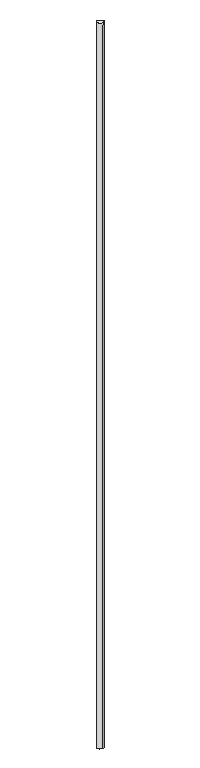
Revit family "EV_SPACER TUBE 22-25_9372796", category Generic Models, Revit 2018
Family settings
  Can host rebar = No
  Round Connector Dimension = Use Diameter
  Part Type = Normal
  OmniClass Number = 35.51.14.00
  OmniClass Title = FORMWORK
  Work Plane-Based = Yes
  Always vertical = No
  Cut with Voids When Loaded = No
  Shared = Yes
  Room Calculation Point = No
Parameters
  VERSION = "20170217"  # constant formula
  URL = "www.ulmaconstruction.com/en"
  UNICLASS = ""
  Manufacturer = "ULMA CONSTRUCTION"  # constant formula
  LENGTH [instance] = 3000.000 mm
  ITEM_LENGTH [instance] = if(LENGTH < 25.000 mm, 25.000 mm, if(LENGTH < 3000.000 mm, LENGTH, 3000.000 mm))  # 3000.000 mm
  ITEM_GENERIC = "1"
  ITEM_CODE = "9372796"
  FILTER [instance] = ""
  Default Elevation = 0.000 mm
  CLASSIFICATION_TITLE = ""
  CLASSIFICATION_NUMBER = ""
Reference planes
  plane 1 "Centro (Frontal/Posterior)": y = 0
  plane 2: z = 0
  plane 3 "Centro (Izquierda/Derecha)": x = 0
  plane 4 "ITEM_LENGTH": z = 3000
  plane 5 "LENGTH": z = 3000
Forms (mm)
  Extrusion 1, solid, material "ULMA PLASTIC", detail levels medium+fine
    sketch origin (0, 0, 0) x (1, 0, 0) y (0, 1, 0)
      loop
        circle (0, 0) r 12.5
    from 0 to 3000
Lines and regions (mm)
  model lines, style "ULMA CONSUMABLES", detail levels medium+fine
    curve 1: circle (0, 0, 0) r 11 normal (0, 0, 1)
    curve 2: circle (0, 0, 3000) r 11 normal (0, 0, 1)
Dimensions and locks
  "ITEM_LENGTH": plane 4 "ITEM_LENGTH" to plane 2
  "LENGTH": plane 5 "LENGTH" to plane 2
  aligned and locked: level to plane 2
  aligned and locked: plane 4 "ITEM_LENGTH" to Extrusion 1
Automatic sketch dimensions
  plane 1 "Centro (Frontal/Posterior)" to curve 1 = 0.000 mm
  curve 1 to plane 3 "Centro (Izquierda/Derecha)" = 0.000 mm
  plane 1 "Centro (Frontal/Posterior)" to Extrusion 1 sketch curve = 0.000 mm
  Extrusion 1 sketch curve to plane 3 "Centro (Izquierda/Derecha)" = 0.000 mm
  radius of curve 1 = 11.000 mm
  radius of Extrusion 1 sketch curve = 12.500 mm
  radius of curve 2 to Extrusion 1 = 1.500 mm
